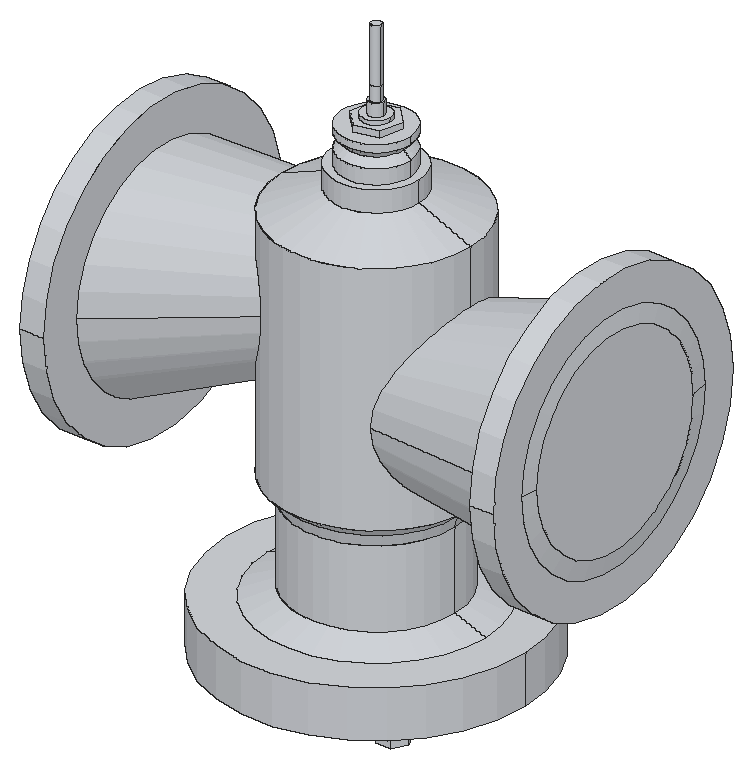
Revit family "2FGB-B_PN16_DN125_RFA_2018", category Pipe Accessories, Revit 2018
Family settings
  Round Connector Dimension = Use Diameter
  Part Type = Valve - Breaks Into
  Work Plane-Based = No
  Always vertical = Yes
  Cut with Voids When Loaded = No
  Shared = No
Parameters (values of type "2FGB-B PN16 DN125")
  magiProductId = ""
  magiProductFamilyId = ""
  magiPartTypeId = 306
  isMeasuringValve [instance] = no
  ang2D [instance] = 0.00°
  Z9 = 4.2 mm
  Z8 = 5.7 mm
  Z7 = 3 mm
  Z6 = 6 mm
  Z5 = 6 mm
  Z4 = 12 mm
  Z3 = 196.45 mm
  Z19 = 9.9 mm
  Z15 = 48.65 mm
  Z14__ve = -Z14  # -17.375 mm
  Z14 = 17.375 mm
  Z13 = 9.22 mm
  Z12 = 64.54 mm
  Z10 = 5.1 mm
  X4 = 39.6 mm
  X2__ve = -X2  # -19.8 mm
  X2 = 19.8 mm
  X1 = 2 mm
  W2D = 125 mm
  VersionID = ""
  Use Minimum Symbol Size [instance] = yes
  URL = "www.hydronix.cz"
  Type Comments = "Přírubový; EQM charakteristika; PN16; -10~+150°C; tlakově vyvážená kuželka"
  R9 = 4 mm
  R7 = 11.547 mm
  R6 = 19.246 mm
  R5 = 22.81 mm
  R4 = 28.512 mm
  R3 = 35.64 mm
  R2 = 68.625 mm
  R13 = 65.88 mm
  R12 = 6.062 mm
  R1 = 54.9 mm
  QmdConnectorList = "301;D;302;D"
  Productdata [instance] = "2FGB125B (DN125; PN16; kvs200; tlakově vyvážená kuželka)"
  Manufacturer = "Hydronix"
  Maintenance Zone Under Depth [instance] = 207 mm
  Maintenance Zone Right Depth [instance] = 175 mm
  Maintenance Zone Over Depth [instance] = 221 mm
  Maintenance Zone Left Depth [instance] = 175 mm
  Maintenance Zone Front Depth [instance] = 110 mm
  Maintenance Zone Back Depth [instance] = 110 mm
  Maintenance Zone Front Visibility [instance] = no
  LT2 = 200 mm
  L2D_Min = 3048 mm
  L2D = 400 mm
  HCDT2 = 91.5 mm
  H4 = 234 mm
  H3 = 139 mm
  H2 = 45 mm
  FDT2 = 125 mm
  Description = "2 cestný regulační ventil přírubový; DN125; PN16; kvs200; zdvih 45mm"
  D4 = 81.6 mm
  D3 = 96 mm
  D2 = 79.2 mm
  D = 125 mm
  CenSd_R6_6 = R6 * cos(30.00°)  # 16.667 mm
  CenSd_A_6 = A * cos(30.00°)  # 10.825 mm
  Clearance Zone Height Depth [instance] = 221 mm
  CZONC [instance] = 175 mm
  Clearance Zone Visibility [instance] = no
  B1 = 74.246 mm
  A = 12.5 mm
Types (5, lengths in mm): name | Z9 | Z8 | Z6 | Z5 | Z4 | Z3 | Z19 | Z15 | Z14__ve | Z14 | Z13 | Z12 | Z10 | X4 | X2__ve | X2 | W2D | R7 | R6 | R5 | R4 | R3 | R2 | R13 | R12 | R1 | Productdata | LT2 | L2D | HCDT2 | H4 | H3 | H2 | FDT2 | Description | D4 | D3 | D2 | D | CenSd_R6_6 | CenSd_A_6 | B1 | A
  2FGB-B PN16 DN100 | 4.165 | 5.602 | 5.95 | 5.95 | 11.9 | 168.575 | 9.767 | 40.775 | -14.562 | 14.562 | 8.12 | 56.84 | 5.082 | 34.6 | -17.3 | 17.3 | 100 | 10.089 | 16.816 | 19.93 | 24.912 | 31.14 | 57.375 | 55.08 | 5.297 | 45.9 | "2FGB100B (DN100; PN16; kvs130; tlakově vyvážená kuželka)" | 175 | 350 | 76.5 | 207 | 116.5 | 45 | 110 | "2 cestný regulační ventil přírubový; DN100; PN16; kvs130; zdvih 45mm" | 68.85 | 81 | 69.2 | 100 | 14.563 | 9.526 | 63.64 | 11
  2FGB-B PN16 DN080 | 4.2 | 5.7 | 6 | 6 | 12 | 151.95 | 9.9 | 36.75 | -13.125 | 13.125 | 7.32 | 51.24 | 5.1 | 30.6 | -15.3 | 15.3 | 80 | 8.923 | 14.872 | 17.626 | 22.032 | 27.54 | 49.875 | 47.88 | 4.685 | 39.9 | "2FGB80B (DN80; PN16; kvs100; tlakově vyvážená kuželka)" | 155 | 310 | 66.5 | 187 | 105 | 45 | 100 | "2 cestný regulační ventil přírubový; DN80; PN16; kvs100; zdvih 45mm" | 60.35 | 71 | 61.2 | 80 | 12.879 | 8.66 | 56.569 | 10
  2FGB-B PN16 DN065 | 4.2 | 5.7 | 6 | 6 | 12 | 139.45 | 9.9 | 33.25 | -11.875 | 11.875 | 6.82 | 47.74 | 5.1 | 28.6 | -14.3 | 14.3 | 65 | 8.34 | 13.9 | 16.474 | 20.592 | 25.74 | 44.25 | 42.48 | 4.378 | 35.4 | "2FGB65B (DN65; PN16; kvs63; tlakově vyvážená kuželka)" | 145 | 290 | 59 | 175 | 95 | 25 | 92.5 | "2 cestný regulační ventil přírubový; DN65; PN16; kvs63; zdvih 25mm" | 53.975 | 63.5 | 57.2 | 65 | 12.037 | 8.011 | 51.265 | 9.25
  2FGB-B PN16 DN150 | 4.2 | 5.7 | 6 | 6 | 12 | 227.45 | 9.9 | 54.95 | -19.625 | 19.625 | 10.97 | 76.79 | 5.1 | 47.6 | -23.8 | 23.8 | 150 | 13.88 | 23.134 | 27.418 | 34.272 | 42.84 | 77.625 | 74.52 | 7.287 | 62.1 | "2FGB150B (DN150; PN16; kvs300; tlakově vyvážená kuželka)" | 240 | 480 | 103.5 | 277 | 157 | 45 | 142.5 | "2 cestný regulační ventil přírubový; DN150; PN16; kvs300; zdvih 45mm" | 92.65 | 109 | 95.2 | 150 | 20.034 | 12.341 | 84.853 | 14.25
  2FGB-B PN16 DN125 | 4.2 | 5.7 | 6 | 6 | 12 | 196.45 | 9.9 | 48.65 | -17.375 | 17.375 | 9.22 | 64.54 | 5.1 | 39.6 | -19.8 | 19.8 | 125 | 11.547 | 19.246 | 22.81 | 28.512 | 35.64 | 68.625 | 65.88 | 6.062 | 54.9 | "2FGB125B (DN125; PN16; kvs200; tlakově vyvážená kuželka)" | 200 | 400 | 91.5 | 234 | 139 | 45 | 125 | "2 cestný regulační ventil přírubový; DN125; PN16; kvs200; zdvih 45mm" | 81.6 | 96 | 79.2 | 125 | 16.667 | 10.825 | 74.246 | 12.5
Reference planes
  plane 1 "Center (Front/Back)": y = 0
  plane 2 "XYPLANE": z = 0
  plane 3 "Center (Left/Right)": x = 0
  plane 4 "234": y = -74.246
  plane 5 "233": x = 74.246
  plane 6 "232": x = -74.246
  plane 7 "231": y = 74.246
  plane 8 "225": z = -224
  plane 9 "223": z = 221
  plane 10 "221": x = -175
  plane 11 "220": x = 175
  plane 12 "219": y = -110
  plane 13 "218": y = 110
  plane 14 "196": z = -207
  plane 15 "182": z = 199
  plane 16 "161": z = 187
  plane 17 "158": z = 181.3
  plane 18 "150": z = 177.1
  plane 19 "148": z = 174.1
  plane 20 "142": z = 169
  plane 21 "136": z = 163
  plane 22 "135": z = 157
  plane 23 "131": z = 151
  plane 24 "78": z = 104.25
  plane 25 "77": z = 121.625
  plane 26 "74": z = 139
  plane 27 "70": z = -92.2
  plane 28 "65": z = -101.42
  plane 29 "64": z = -110.64
  plane 30 "58": z = -175.18
  plane 31 "57": z = -184.4
  plane 32 "46": z = -234
  plane 33 "28": x = 178.2
  plane 34 "27": x = 198
  plane 35 "21": z = -20
  plane 36 "16": z = 48.65
  plane 37 "13": x = -178.2
  plane 38 "7": x = -198
  plane 39 "6": x = 200
  plane 40 "5": x = -200
  plane 41 "3": y = 0
  plane 42 "2": z = 0
  plane 43 "1": x = 0
Forms (mm)
  Extrusion 1, solid
    sketch origin (-750, 0, -234) x (1, 0, 0) y (0, 1, 0)
      loop
        line (836.746, -74.246) -> (830.496, -63.421) -> (817.996, -63.421) -> (811.746, -74.246) -> (817.996, -85.072) -> (830.496, -85.072) -> (836.746, -74.246)
    from 0 to 10
  Extrusion 2, solid
    sketch origin (-750, 0, -234) x (1, 0, 0) y (0, 1, 0)
      loop
        line (688.254, -74.246) -> (682.004, -63.421) -> (669.504, -63.421) -> (663.254, -74.246) -> (669.504, -85.072) -> (682.004, -85.072) -> (688.254, -74.246)
    from 0 to 10
  Extrusion 3, solid
    sketch origin (-750, 0, -234) x (1, 0, 0) y (0, 1, 0)
      loop
        line (836.746, 74.246) -> (830.496, 85.072) -> (817.996, 85.072) -> (811.746, 74.246) -> (817.996, 63.421) -> (830.496, 63.421) -> (836.746, 74.246)
    from 0 to 10
  Extrusion 4, solid
    sketch origin (-750, 0, -234) x (1, 0, 0) y (0, 1, 0)
      loop
        line (688.254, 74.246) -> (682.004, 85.072) -> (669.504, 85.072) -> (663.254, 74.246) -> (669.504, 63.421) -> (682.004, 63.421) -> (688.254, 74.246)
    from 0 to 10
  Blend 5, solid, visible <- "Maintenance Zone Front Visibility"
    base sketch origin (-750, 0, 221) x (1, 0, 0) y (0, 1, 0)
      loop
        line (575, 110) -> (575, -110) -> (925, -110) -> (925, 110) -> (575, 110)
    top sketch origin (-750, 0, 221) x (1, 0, 0) y (0, 1, 0)
      loop
        line (575, 110) -> (575, -110) -> (925, -110) -> (925, 110) -> (575, 110)
    from 0 to -428
  Extrusion 6, solid, visible <- "Clearance Zone Visibility"
    sketch origin (-750, 0, 0) x (1, 0, 0) y (0, 1, 0)
      loop
        circle (750, 0) r 175
    from 0 to 221 <- "Clearance Zone Height Depth"
  Extrusion 7, solid
    sketch origin (-750, 0, 177.1) x (1, 0, 0) y (0, 1, 0)
      loop
        circle (750, 0) r 6.062
    from 0 to 9.9 <- "Z19"
  Extrusion 8, solid
    sketch origin (-750, 0, 199) x (1, 0, 0) y (0, 1, 0)
      loop
        circle (750, 0) r 4
    from 0 to 45 <- "H2"
  Extrusion 9, solid
    sketch origin (-750, 0, 187) x (1, 0, 0) y (0, 1, 0)
      loop
        circle (750, 0) r 4
    from 0 to 12 <- "Z4"
  Extrusion 10, solid
    sketch origin (-750, 0, 174.1) x (1, 0, 0) y (0, 1, 0)
      loop
        circle (750, 0) r 11.547
    from 0 to 3 <- "Z7"
  Extrusion 11, solid
    sketch origin (-750, 0, 169) x (1, 0, 0) y (0, 1, 0)
      loop
        line (763.609, -13.609) -> (768.59, 4.981) -> (754.981, 18.59) -> (736.391, 13.609) -> (731.41, -4.981) -> (745.019, -18.59) -> (763.609, -13.609)
    from 0 to 5.1 <- "Z10"
  Extrusion 12, solid
    sketch origin (-750, 0, 163) x (1, 0, 0) y (0, 1, 0)
      loop
        circle (750, 0) r 28.512
    from 0 to 6 <- "Z6"
  Blend 13, solid
    base sketch origin (-750, 0, 157) x (1, 0, 0) y (0, 1, 0)
      loop
        circle (750, 0) r 22.81
    top sketch origin (-750, 0, 157) x (1, 0, 0) y (0, 1, 0)
      loop
        circle (750, 0) r 28.512
    from 0 to 6
  Blend 14, solid
    base sketch origin (-750, 0, 151) x (1, 0, 0) y (0, 1, 0)
      loop
        circle (750, 0) r 28.512
    top sketch origin (-750, 0, 151) x (1, 0, 0) y (0, 1, 0)
      loop
        circle (750, 0) r 22.81
    from 0 to 6
  Extrusion 15, solid
    sketch origin (-750, 0, 139) x (1, 0, 0) y (0, 1, 0)
      loop
        circle (750, 0) r 28.512
    from 0 to 12 <- "Z4"
  Extrusion 16, solid
    sketch origin (-750, 0, 139) x (1, 0, 0) y (0, 1, 0)
      loop
        circle (750, 0) r 35.64
    from 0 to -17.375 <- "Z14__ve"
  Blend 17, solid
    base sketch origin (-750, 0, 104.25) x (1, 0, 0) y (0, 1, 0)
      loop
        circle (750, 0) r 79.2
    top sketch origin (-750, 0, 104.25) x (1, 0, 0) y (0, 1, 0)
      loop
        circle (750, 0) r 35.64
    from 0 to 17.375
  Blend 18, solid
    base sketch origin (-750, 0, -101.42) x (1, 0, 0) y (0, 1, 0)
      loop
        circle (750, 0) r 68.625
    top sketch origin (-750, 0, -101.42) x (1, 0, 0) y (0, 1, 0)
      loop
        circle (750, 0) r 79.2
    from 0 to 9.22
  Blend 19, solid
    base sketch origin (-750, 0, -110.64) x (1, 0, 0) y (0, 1, 0)
      loop
        circle (750, 0) r 65.88
    top sketch origin (-750, 0, -110.64) x (1, 0, 0) y (0, 1, 0)
      loop
        circle (750, 0) r 68.625
    from 0 to 9.22
  Extrusion 20, solid
    sketch origin (-750, 0, -175.18) x (1, 0, 0) y (0, 1, 0)
      loop
        circle (750, 0) r 65.88
    from 0 to 64.54 <- "Z12"
  Blend 21, solid
    base sketch origin (-750, 0, -184.4) x (1, 0, 0) y (0, 1, 0)
      loop
        circle (750, 0) r 91.5
    top sketch origin (-750, 0, -184.4) x (1, 0, 0) y (0, 1, 0)
      loop
        circle (750, 0) r 65.88
    from 0 to 9.22
  Extrusion 22, solid
    sketch origin (-750, 0, -224) x (1, 0, 0) y (0, 1, 0)
      loop
        circle (750, 0) r 125
    from 0 to 39.6 <- "X4"
  Blend 23, solid
    base sketch origin (198, -750, 0) x (0, 1, 0) y (0, 0, 1)
      loop
        circle (750, 0) r 96
    top sketch origin (198, -750, 0) x (0, 1, 0) y (0, 0, 1)
      loop
        circle (750, 0) r 81.6
    from 0 to 2
  Blend 24, solid
    base sketch origin (-200, -750, 0) x (0, 1, 0) y (0, 0, 1)
      loop
        circle (750, 0) r 81.6
    top sketch origin (-200, -750, 0) x (0, 1, 0) y (0, 0, 1)
      loop
        circle (750, 0) r 96
    from 0 to 2
  Extrusion 25, solid
    sketch origin (198, -750, 0) x (0, 1, 0) y (0, 0, 1)
      loop
        circle (750, 0) r 125
    from 0 to -19.8 <- "X2__ve"
  Blend 26, solid
    base sketch origin (0, -750, 0) x (0, 1, 0) y (0, 0, 1)
      loop
        circle (750, -20) r 54.9
    top sketch origin (0, -750, 0) x (0, 1, 0) y (0, 0, 1)
      loop
        circle (750, 0) r 91.5
    from 0 to 178.2
  Extrusion 27, solid
    sketch origin (-750, 0, -92.2) x (1, 0, 0) y (0, 1, 0)
      loop
        circle (750, 0) r 79.2
    from 0 to 196.45 <- "Z3"
  Blend 28, solid
    base sketch origin (-178.2, -750, 0) x (0, 1, 0) y (0, 0, 1)
      loop
        circle (750, 0) r 91.5
    top sketch origin (-178.2, -750, 0) x (0, 1, 0) y (0, 0, 1)
      loop
        circle (750, 48.65) r 54.9
    from 0 to 178.2
  Extrusion 29, solid
    sketch origin (-198, -750, 0) x (0, 1, 0) y (0, 0, 1)
      loop
        circle (750, 0) r 125
    from 0 to 19.8 <- "X2"
  Extrusion 30, solid, not visible
    sketch origin (200, -750, 0) x (0, 1, 0) y (0, 0, 1)
      loop
        circle (750, 0) r 10
    from 0 to -10
  Extrusion 31, solid, not visible
    sketch origin (-200, -750, 0) x (0, 1, 0) y (0, 0, 1)
      loop
        circle (750, 0) r 10
    from 0 to 10
Lines and regions (mm)
  reference lines, not visible
    curve 1: circle (2, 2, 0) r 1 normal (0, 0, 1)
  reference lines
    curve 2: line (74.246, -74.246, -234) -> (71.496, -69.483, -234)
    curve 3: line (74.246, -74.246, -234) -> (68.746, -74.246, -234)
    curve 4: line (74.246, -74.246, -234) -> (71.496, -79.009, -234)
    curve 5: line (-74.246, -74.246, -234) -> (-76.996, -69.483, -234)
    curve 6: line (-74.246, -74.246, -234) -> (-79.746, -74.246, -234)
    curve 7: line (-74.246, -74.246, -234) -> (-76.996, -79.009, -234)
    curve 8: line (74.246, 74.246, -234) -> (71.496, 79.009, -234)
    curve 9: line (74.246, 74.246, -234) -> (68.746, 74.246, -234)
    curve 10: line (74.246, 74.246, -234) -> (71.496, 69.483, -234)
    curve 11: line (-74.246, 74.246, -234) -> (-76.996, 79.009, -234)
    curve 12: line (-74.246, 74.246, -234) -> (-79.746, 74.246, -234)
    curve 13: line (-74.246, 74.246, -234) -> (-76.996, 69.483, -234)
    curve 14: line (0, 0, 169) -> (2.176, 8.121, 169)
    curve 15: line (0, 0, 169) -> (-5.945, 5.945, 169)
    curve 16: line (0, 0, 169) -> (-8.121, -2.176, 169)
Dimensions and locks
  plane 1 "Center (Front/Back)" to curve 1 = 2 mm
  "B1": plane 1 "Center (Front/Back)" to plane 4 "234"
  "B1": plane 3 "Center (Left/Right)" to plane 5 "233"
  "B1": plane 3 "Center (Left/Right)" to plane 6 "232"
  "B1": plane 1 "Center (Front/Back)" to plane 7 "231"
  locked: plane 32 "46" to plane 8 "225" at 10
  "Maintenance Zone Over Depth": plane 2 "XYPLANE" to plane 9 "223"
  "Maintenance Zone Left Depth": plane 3 "Center (Left/Right)" to plane 10 "221"
  "Maintenance Zone Right Depth": plane 3 "Center (Left/Right)" to plane 11 "220"
  "Maintenance Zone Front Depth": plane 1 "Center (Front/Back)" to plane 12 "219"
  "Maintenance Zone Back Depth": plane 1 "Center (Front/Back)" to plane 13 "218"
  "Maintenance Zone Under Depth": plane 2 "XYPLANE" to plane 14 "196"
  "Z4": plane 16 "161" to plane 15 "182"
  "Z8": plane 17 "158" to plane 16 "161"
  "Z9": plane 18 "150" to plane 17 "158"
  "Z7": plane 19 "148" to plane 18 "150"
  "Z10": plane 20 "142" to plane 19 "148"
  "Z6": plane 21 "136" to plane 20 "142"
  "Z5": plane 22 "135" to plane 21 "136"
  "Z5": plane 23 "131" to plane 22 "135"
  "Z4": plane 26 "74" to plane 23 "131"
  "Z14": plane 25 "77" to plane 24 "78"
  "Z14": plane 26 "74" to plane 25 "77"
  "H3": plane 2 "XYPLANE" to plane 26 "74"
  "Z13": plane 28 "65" to plane 27 "70"
  "Z13": plane 29 "64" to plane 28 "65"
  "Z12": plane 30 "58" to plane 29 "64"
  "Z13": plane 31 "57" to plane 30 "58"
  "X4": plane 8 "225" to plane 31 "57"
  "H4": plane 2 "XYPLANE" to plane 32 "46"
  "X2": plane 34 "27" to plane 33 "28"
  "X1": plane 39 "6" to plane 34 "27"
  locked: plane 42 "2" to plane 35 "21" at 20
  "Z15": plane 42 "2" to plane 36 "16"
  "X2": plane 38 "7" to plane 37 "13"
  "X1": plane 40 "5" to plane 38 "7"
  "LT2": plane 3 "Center (Left/Right)" to plane 39 "6"
  "LT2": plane 3 "Center (Left/Right)" to plane 40 "5"
  locked: plane 1 "Center (Front/Back)" to plane 41 "3"
  locked: plane 2 "XYPLANE" to plane 42 "2"
  locked: plane 3 "Center (Left/Right)" to plane 43 "1"
  "CenSd_A_6": curve 2 to Extrusion 1 sketch curve  (x2)
  "CenSd_A_6": curve 3 to Extrusion 1 sketch curve  (x2)
  "CenSd_A_6": curve 4 to Extrusion 1 sketch curve  (x2)
  "CenSd_A_6": curve 5 to Extrusion 2 sketch curve  (x2)
  "CenSd_A_6": curve 6 to Extrusion 2 sketch curve  (x2)
  "CenSd_A_6": curve 7 to Extrusion 2 sketch curve  (x2)
  "CenSd_A_6": curve 8 to Extrusion 3 sketch curve  (x2)
  "CenSd_A_6": curve 9 to Extrusion 3 sketch curve  (x2)
  "CenSd_A_6": curve 10 to Extrusion 3 sketch curve  (x2)
  "CenSd_A_6": curve 11 to Extrusion 4 sketch curve  (x2)
  "CenSd_A_6": curve 12 to Extrusion 4 sketch curve  (x2)
  "CenSd_A_6": curve 13 to Extrusion 4 sketch curve  (x2)
  "CenSd_R6_6": curve 14 to Extrusion 11 sketch curve  (x2)
  "CenSd_R6_6": curve 15 to Extrusion 11 sketch curve  (x2)
  "CenSd_R6_6": curve 16 to Extrusion 11 sketch curve  (x2)
  "CZONC": radius of Extrusion 6 sketch curve
  "R12": radius of Extrusion 7 sketch curve
  "R9": radius of Extrusion 8 sketch curve
  "R9": radius of Extrusion 9 sketch curve
  "R7": radius of Extrusion 10 sketch curve
  "R4": radius of Extrusion 12 sketch curve
  "R4": radius of Blend 13 sketch curve
  "R5": radius of Blend 13 sketch curve
  "R5": radius of Blend 14 sketch curve
  "R4": radius of Blend 14 sketch curve
  "R4": radius of Extrusion 15 sketch curve
  "R3": radius of Extrusion 16 sketch curve
  "R3": radius of Blend 17 sketch curve
  "D2": radius of Blend 17 sketch curve
  "D2": radius of Blend 18 sketch curve
  "R2": radius of Blend 18 sketch curve
  "R2": radius of Blend 19 sketch curve
  "R13": radius of Blend 19 sketch curve
  "R13": radius of Extrusion 20 sketch curve
  "R13": radius of Blend 21 sketch curve
  "HCDT2": radius of Blend 21 sketch curve
  "FDT2": radius of Extrusion 22 sketch curve
  "D4": radius of Blend 23 sketch curve
  "D3": radius of Blend 23 sketch curve
  "D3": radius of Blend 24 sketch curve
  "D4": radius of Blend 24 sketch curve
  "FDT2": radius of Extrusion 25 sketch curve
  "HCDT2": radius of Blend 26 sketch curve
  "R1": radius of Blend 26 sketch curve
  "D2": radius of Extrusion 27 sketch curve
  "R1": radius of Blend 28 sketch curve
  "HCDT2": radius of Blend 28 sketch curve
  "FDT2": radius of Extrusion 29 sketch curve
  locked: curve 3 to curve 2 (angle 60.00°)
  locked: curve 4 to curve 3 (angle 60.00°)
  locked: curve 4 to curve 2 (angle 120.00°)
  locked: curve 6 to curve 5 (angle 60.00°)
  locked: curve 7 to curve 6 (angle 60.00°)
  locked: curve 7 to curve 5 (angle 120.00°)
  locked: curve 9 to curve 8 (angle 60.00°)
  locked: curve 10 to curve 9 (angle 60.00°)
  locked: curve 10 to curve 8 (angle 120.00°)
  locked: curve 12 to curve 11 (angle 60.00°)
  locked: curve 13 to curve 12 (angle 60.00°)
  locked: curve 13 to curve 11 (angle 120.00°)
  locked: curve 15 to curve 14 (angle 60.00°)
  locked: curve 16 to curve 15 (angle 60.00°)
  locked: curve 16 to curve 14 (angle 120.00°)
  aligned and locked: level to plane 2 "XYPLANE"
  aligned and locked: plane 4 "234" to curve 2
  aligned and locked: plane 5 "233" to curve 2
  aligned and locked: plane 4 "234" to curve 5
  aligned and locked: plane 6 "232" to curve 5
  aligned and locked: plane 5 "233" to curve 8
  aligned and locked: plane 7 "231" to curve 8
  aligned and locked: plane 6 "232" to curve 11
  aligned and locked: plane 7 "231" to curve 11
  aligned and locked: plane 13 "218" to Blend 5 sketch curve  (x4)
  aligned and locked: plane 12 "219" to Blend 5 sketch curve  (x4)
  aligned and locked: plane 10 "221" to Blend 5 sketch curve  (x4)
  aligned and locked: plane 11 "220" to Blend 5 sketch curve  (x4)
  aligned and locked: Blend 5 to plane 14 "196"
  aligned and locked: plane 41 "3" to Extrusion 6 sketch curve
  aligned and locked: plane 43 "1" to Extrusion 6 sketch curve
  aligned and locked: plane 41 "3" to Extrusion 7 sketch curve
  aligned and locked: plane 43 "1" to Extrusion 7 sketch curve
  aligned and locked: plane 41 "3" to Extrusion 8 sketch curve
  aligned and locked: plane 43 "1" to Extrusion 8 sketch curve
  aligned and locked: plane 41 "3" to Extrusion 9 sketch curve
  aligned and locked: plane 43 "1" to Extrusion 9 sketch curve
  aligned and locked: plane 41 "3" to Extrusion 10 sketch curve
  aligned and locked: plane 43 "1" to Extrusion 10 sketch curve
  aligned and locked: plane 41 "3" to curve 14
  aligned and locked: plane 43 "1" to curve 14
  aligned and locked: plane 41 "3" to Extrusion 12 sketch curve
  aligned and locked: plane 43 "1" to Extrusion 12 sketch curve
  aligned and locked: plane 41 "3" to Blend 13 sketch curve  (x2)
  aligned and locked: plane 43 "1" to Blend 13 sketch curve  (x2)
  aligned and locked: plane 21 "136" to Blend 13
  aligned and locked: plane 41 "3" to Blend 14 sketch curve  (x2)
  aligned and locked: plane 43 "1" to Blend 14 sketch curve  (x2)
  aligned and locked: plane 22 "135" to Blend 14
  aligned and locked: plane 41 "3" to Extrusion 15 sketch curve
  aligned and locked: plane 43 "1" to Extrusion 15 sketch curve
  aligned and locked: plane 41 "3" to Extrusion 16 sketch curve
  aligned and locked: plane 43 "1" to Extrusion 16 sketch curve
  aligned and locked: plane 41 "3" to Blend 17 sketch curve  (x2)
  aligned and locked: plane 43 "1" to Blend 17 sketch curve  (x2)
  aligned and locked: plane 25 "77" to Blend 17
  aligned and locked: plane 41 "3" to Blend 18 sketch curve  (x2)
  aligned and locked: plane 43 "1" to Blend 18 sketch curve  (x2)
  aligned and locked: plane 27 "70" to Blend 18
  aligned and locked: plane 41 "3" to Blend 19 sketch curve  (x2)
  aligned and locked: plane 43 "1" to Blend 19 sketch curve  (x2)
  aligned and locked: plane 28 "65" to Blend 19
  aligned and locked: plane 41 "3" to Extrusion 20 sketch curve
  aligned and locked: plane 43 "1" to Extrusion 20 sketch curve
  aligned and locked: plane 41 "3" to Blend 21 sketch curve  (x2)
  aligned and locked: plane 43 "1" to Blend 21 sketch curve  (x2)
  aligned and locked: plane 30 "58" to Blend 21
  aligned and locked: plane 41 "3" to Extrusion 22 sketch curve
  aligned and locked: plane 43 "1" to Extrusion 22 sketch curve
  aligned and locked: Blend 23 sketch curve to plane 41 "3"  (x2)
  aligned and locked: plane 42 "2" to Blend 23 sketch curve  (x2)
  aligned and locked: plane 39 "6" to Blend 23
  aligned and locked: Blend 24 sketch curve to plane 41 "3"  (x2)
  aligned and locked: plane 42 "2" to Blend 24 sketch curve  (x2)
  aligned and locked: plane 38 "7" to Blend 24
  aligned and locked: Extrusion 25 sketch curve to plane 41 "3"
  aligned and locked: plane 42 "2" to Extrusion 25 sketch curve
  aligned and locked: Blend 26 sketch curve to plane 41 "3"  (x2)
  aligned and locked: plane 42 "2" to Blend 26 sketch curve
  aligned and locked: plane 35 "21" to Blend 26 sketch curve
  aligned and locked: plane 33 "28" to Blend 26
  aligned and locked: plane 41 "3" to Extrusion 27 sketch curve
  aligned and locked: plane 43 "1" to Extrusion 27 sketch curve
  aligned and locked: plane 36 "16" to Blend 28 sketch curve
  aligned and locked: plane 41 "3" to Blend 28 sketch curve
  aligned and locked: Blend 28 sketch curve to plane 41 "3"
  aligned and locked: plane 42 "2" to Blend 28 sketch curve
  aligned and locked: plane 43 "1" to Blend 28
  aligned and locked: Extrusion 29 sketch curve to plane 41 "3"
  aligned and locked: plane 42 "2" to Extrusion 29 sketch curve
  aligned and locked: Extrusion 30 sketch curve to plane 41 "3"
  aligned and locked: plane 42 "2" to Extrusion 30 sketch curve
  aligned and locked: Extrusion 31 sketch curve to plane 41 "3"
  aligned and locked: plane 42 "2" to Extrusion 31 sketch curve
Automatic sketch dimensions
  plane 1 "Center (Front/Back)" to curve 16 = 2.176 mm
  plane 1 "Center (Front/Back)" to Extrusion 30 sketch curve = 10 mm
  plane 1 "Center (Front/Back)" to Extrusion 31 sketch curve = 10 mm
  plane 3 "Center (Left/Right)" to curve 1 = 2 mm
  radius of curve 1 = 1 mm
Connectors
  piping at (-200, 0, 0), diameter 125, driven by "D"
    settings: on Extrusion 31, index 1, connector inside diameter 609.6 mm, connector length 0 mm, flow factor 0, pipe flow 0.0 L/s, pressure drop 0.0 Pa, fitting loss kfactor 0, connector angle 0.00°, fixture units 0, engagement length 0 mm, angle of deflection 0.00°, flow configuration 0, flow direction 0, fitting loss method 0, system type 29, joint type 0, gender type 0, connector reference index 2, connector utility 0, adjustable connector no, is connector primary yes, connector description ""
  piping at (200, 0, 0), diameter 125, driven by "D"
    settings: on Extrusion 30, index 2, connector inside diameter 609.6 mm, connector length 0 mm, flow factor 0, pipe flow 0.0 L/s, pressure drop 0.0 Pa, fitting loss kfactor 0, connector angle 0.00°, fixture units 0, engagement length 0 mm, angle of deflection 0.00°, flow configuration 0, flow direction 0, fitting loss method 0, system type 29, joint type 0, gender type 0, connector reference index 1, connector utility 0, adjustable connector no, is connector primary no, connector description ""
